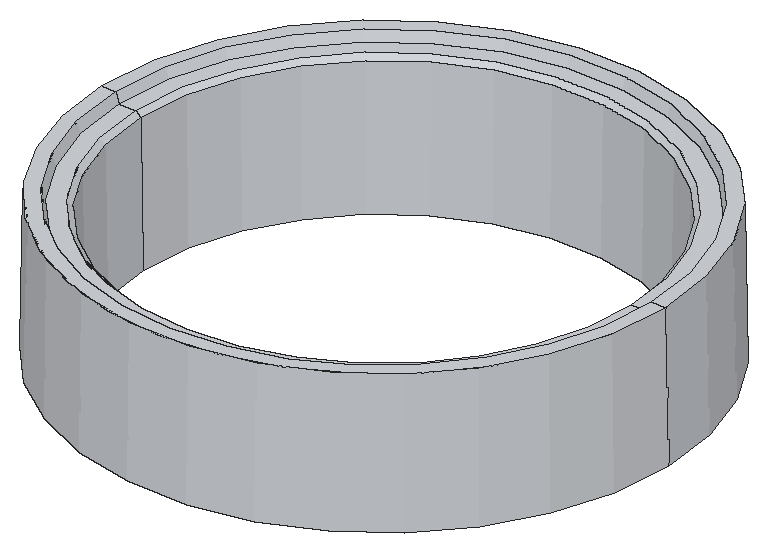
Revit family "Кольцо 1000х310 с замком КС 10-3", category Обобщенные модели, Revit 2023
Family settings
  Может служить основой для арматурных стержней = Нет
  Размер круглого соединителя = Использовать диаметр
  Тип детали = Нормальный
  На основе рабочей плоскости = Нет
  Всегда вертикально = Да
  При загрузке вырезать с полостями = Нет
  Сохранять ориентацию аннотаций = Нет
  Общий = Нет
  Точка принадлежности помещению = Нет
Parameters (values of type "Кольцо 1000х310 с замком КС 10.3")
  фаска = 10 mm
  толщ_на_h2_расч = (t1 - t2) / 2 * (h1 + h2) / ADSK_Размер_Высота + 10 mm  # 20.887 mm
  толщ_на_h1_расч = (t1 - t2) / 2 * h1 / ADSK_Размер_Высота + 10 mm  # 15.968 mm
  сужение_низ = 5 mm
  отступ_низ = 38 mm
  отступ_верх = 28.5 mm
  выступ = 20 mm
  вырез2 = no
  вырез1 = no
  Отметка по умолчанию = 0 mm
  t2 = 80 mm
  t1 = 90 mm
  h2 = 305 mm
  h1 = 370 mm
  d1 = 20 mm * tan(20.00°)  # 7.279 mm
  ADSK_Размер_Диаметр = 1000 mm
  ADSK_Размер_Высота = 310 mm
  ADSK_Масса = 213
Reference planes
  plane 1 "По центру (Вперед/Назад)": y = 0
  plane 2: z = 0
  plane 3 "По центру (Влево/Вправо)": x = 0
  plane 4: x = 500
  plane 5: x = -500
  plane 6: y = 500
  plane 7: y = -500
  plane 8: z = 290
  plane 9: z = 310
  plane 10: z = 20
  plane 11: x = -585
  plane 12: x = 585
  plane 13: y = 585
  plane 14: y = -585
  plane 15: y = 580
  plane 16: y = -580
  plane 17: x = -580
  plane 18: x = 580
  plane 19: x = 538
  plane 20: x = 551.5
  plane 21: x = 544.221
  plane 22: x = 545.279
  plane 23: z = 280
  plane 24: x = 510
  plane 25: z = 370
  plane 26: z = 675
  plane 27: y = 495
  plane 28: y = -495
  plane 29: x = -495
  plane 30: x = 495
  plane 31: x = -564.113
  plane 32: x = -569.032
  plane 33: x = 564.113
  plane 34: x = 569.032
Forms (mm)
  Revolve 1, solid
    sketch origin (0, 0, 0) x (1, 0, 0) y (0, 0, 1)
      loop
        line (500, 280) -> (495, 0) -> (538, 0) -> (545.279, 20) -> (585, 20) -> (580, 310) -> (551.5, 310) -> (544.221, 290) -> (510, 290) -> (500, 280)
      axis (0, 0) -> (0, 310)
    angle from 0 to 360
Dimensions and locks
  equal spacing: plane 5, plane 3 "По центру (Влево/Вправо)", plane 4
  equal spacing: plane 7, plane 1 "По центру (Вперед/Назад)", plane 6
  "ADSK_Размер_Диаметр": plane 5 to plane 4
  "ADSK_Размер_Диаметр": plane 7 to plane 6
  "выступ": plane 9 to plane 8
  "выступ": plane 10 to level
  "t1": plane 11 to plane 29
  "t1": plane 30 to plane 12
  "t2": plane 6 to plane 15
  "t2": plane 16 to plane 7
  "t2": plane 17 to plane 5
  "t2": plane 4 to plane 18
  "отступ_низ": plane 19 to plane 4
  "отступ_верх": plane 18 to plane 20
  "d1": plane 20 to plane 21
  "d1": plane 22 to plane 19
  "фаска": plane 8 to plane 23
  "фаска": plane 24 to plane 4
  "h1": plane 25 to level
  "h2": plane 26 to plane 25
  "ADSK_Размер_Высота": plane 9 to level
  "сужение_низ": plane 5 to plane 29
  "сужение_низ": plane 30 to plane 4
  "сужение_низ": plane 27 to plane 6
  "сужение_низ": plane 7 to plane 28
  "t1": plane 14 to plane 28
  "t1": plane 27 to plane 13
  "толщ_на_h2_расч": plane 31 to plane 11
  "толщ_на_h1_расч": plane 32 to plane 11
  "толщ_на_h2_расч": plane 12 to plane 33
  "толщ_на_h1_расч": plane 12 to plane 34
  aligned and locked: level to plane 2
  aligned and locked: Revolve 1 sketch curve to plane 8
  aligned and locked: Revolve 1 sketch curve to plane 9
  aligned and locked: plane 10 to Revolve 1 sketch curve
  aligned and locked: Revolve 1 sketch curve to level
Automatic sketch dimensions
  Revolve 1 sketch curve to level = 0 mm
  Revolve 1 sketch curve to plane 3 "По центру (Влево/Вправо)" = 0 mm
  Revolve 1 sketch curve to plane 30 = 0 mm
  Revolve 1 sketch curve to plane 4 = 0 mm
  Revolve 1 sketch curve to plane 24 = 0 mm
  Revolve 1 sketch curve to plane 19 = 0 mm
  Revolve 1 sketch curve to plane 22 = 0 mm
  Revolve 1 sketch curve to plane 21 = 0 mm
  Revolve 1 sketch curve to plane 20 = 0 mm
  Revolve 1 sketch curve to plane 18 = 0 mm
  Revolve 1 sketch curve to plane 12 = 0 mm
  Revolve 1 sketch curve to plane 23 = 0 mm
  Revolve 1 sketch curve to plane 9 = 0 mm
